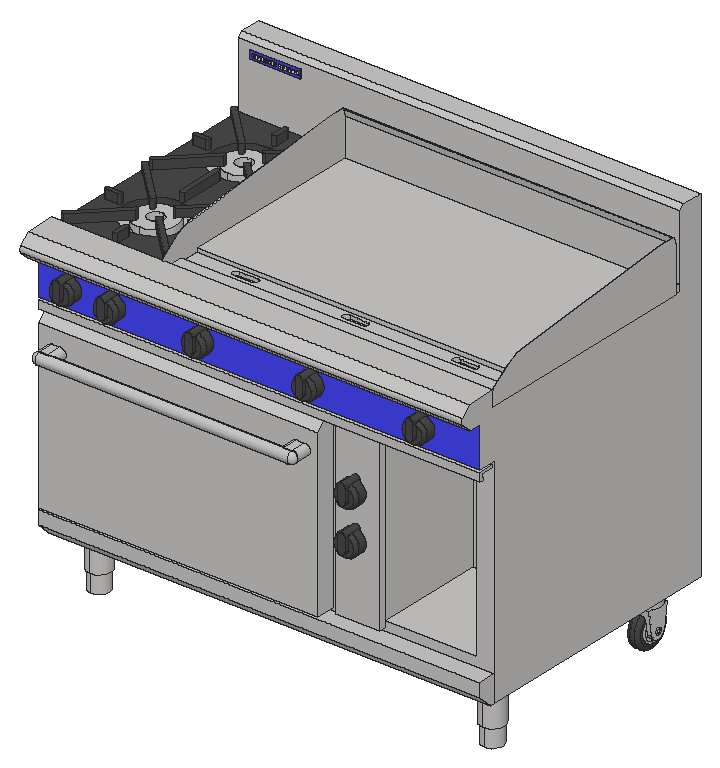
Revit family "QF_MOFFAT_BLUESEAL_CE_GE508A", category Specialty Equipment, Revit 2012
Parameters
  Width = 1200 mm
  Weight in Pounds = 485
  Watts = 6500 W
  Volts = 400 V
  URL Cutsheet = "www.moffat.com"
  URL = "www.moffat.com"
  Type Mark [instance] = ""
  Status [instance] = ""
  Specification by User [instance] = ""
  Specification by Manufacturer = ""
  Show Logo [instance] = yes
  Show Clearance [instance] = yes
  Show Casters [instance] = yes
  Serial Number = ""
  Seismic Rating = ""
  SMACNA No = ""
  Revision Code [instance] = ""
  Phase = 3
  Omniclass Number and Title = ""
  Number of Poles [instance] = 1
  NAFEM Spec ID Number = ""
  Model = "GE508A"
  Min Ckt Ampacity = 0 A
  Mechanical Remarks = ""
  Mechanical Connection Type [instance] = ""
  Max Overcurrent Protection = 0 A
  Masterspec = ""
  Manufacturer = "MOFFAT BLUESEAL"
  Legs [instance] = not(Show Casters)  # no
  Item Number [instance] = ""
  Installed By [instance] = ""
  Identify Quantity as Lot [instance] = yes
  Height = 970 mm
  HP = ""
  Gas Size = 3/4"
  Gas RI Height [instance] = 0 mm
  Gas KW = 32
  Gas Input [instance] = 81500.0 Btu/h
  Gas Connection Height = 0 mm
  Furnished By [instance] = ""
  Foodservice Equipment Identifier [instance] = yes
  FL Amps = 9.4 A
  Electrical Remarks = "9.4A PER PHASE"
  Electric Connection Type = ""
  Elec Conn RI Height = 0 mm
  Elec Conn Connection Height = 0 mm
  Description = "1200MM GAS RANGE WITH ELECTRIC STATIC OVEN"
  Depth = 812 mm
  Cycle = 50 Hz
  Conn Plug = ""
  Conn Conduit = yes
  CSI MasterFormat = ""
  CSI Master Format = ""
  Body Finish = QF_Finishes_Stainless Steel
  Apparent Power = 0 VA
Reference planes
  plane 1 "BACK": y = 0
  plane 2: z = 0
  plane 3 "LEFT": x = 0
  plane 4 "RIGHT": x = 1200
  plane 5 "FRONT": y = -812
  plane 6 "TOP": z = 970
  plane 7 "Center Y": x = 600
  plane 8 "Center X": y = -406
  plane 9: x = 280
  plane 10: y = -574.272
  plane 11: x = 60
  plane 12: y = -304.972
  plane 13: y = -364.972
  plane 14: x = 74
  plane 15: y = -812
  plane 16: x = 1134.5
  plane 17: y = -32
  plane 18: z = 655
  plane 19: x = 65.5
  plane 20: x = 65.8
  plane 21: z = 1085
  plane 22: y = -705
Forms (mm)
  Extrusion 1, solid, material "QF_Finishes_Stainless Steel" <- "Body Finish"
    sketch origin (0, 0, 0) x (0, 1, 0) y (0, 0, 1)
      loop
        line (0, 150) -> (0, 1085) -> (-57.5, 1085) -> (-70, 1072.5) -> (-70, 875) -> (-705, 875) -> (-705, 915) -> (-783.97, 915) -> (-808.49, 890.48)
        arc (-808.49, 890.48) -> (-812.002, 882) -> (-808.49, 873.52) r 11.993
        line (-808.49, 873.52) -> (-784.97, 850) -> (-749, 850) -> (-749, 740) -> (-699, 740) -> (-699, 150) -> (0, 150)
      loop
        line (-749, 222.5) -> (-749, 186) -> (-713.26, 150.26) -> (-701, 150.26) -> (-701, 222.5) -> (-749, 222.5)
      loop
        line (-749, 710) -> (-740.224, 710) -> (-742.613, 726.999) -> (-707.93, 726.999) -> (-707.93, 734.003) -> (-749, 734.003) -> (-749, 710)
    from 0 to 1200
  Extrusion 2, solid, material "QF_Finishes_Stainless Steel"
    sketch origin (0, 7, 0) x (0, 1, 0) y (0, 0, 1)
      loop
        line (-706, 700) -> (-732, 700) -> (-756, 676) -> (-756, 227.5) -> (-706, 227.5) -> (-706, 700)
    from 0 to 760
  Extrusion 3, solid, material "QF_Finishes_Stainless Steel"
    sketch origin (723.5, 7, 0) x (0, 1, 0) y (0, 0, 1)
      loop
        line (-706, 700) -> (-721, 700) -> (-721, 227.5) -> (-706, 227.5) -> (-706, 700)
    from 56.898 to 176.5
  Revolve 4, solid, material "QF_Finishes_Stainless Steel" <- "Body Finish"
    sketch origin (1134.5, -696.126, 0) x (0, 1, 0) y (0, 0, -1)
      loop
        line (39.376, -150) -> (71.126, -150) -> (71.126, 0) -> (43.626, 0) -> (43.626, -50) -> (39.376, -50) -> (39.376, -150)
      axis (71.126, -150) -> (71.126, 0)
    angle from 0 to 360
  Revolve 5, solid, material "QF_Finishes_Stainless Steel" <- "Body Finish"
    sketch origin (65.5, -696.126, 0) x (0, 1, 0) y (0, 0, 1)
      loop
        line (39.376, 150) -> (39.376, 50) -> (43.626, 50) -> (43.626, 0) -> (71.126, 0) -> (71.126, 150) -> (39.376, 150)
      axis (71.126, 150) -> (71.126, 0)
    angle from 0 to 360
  Extrusion 6, solid, material "QF_Finishes_Stainless Steel"
    sketch origin (-64.5, 0, 325) x (1, 0, 0) y (0, 1, 0)
      loop
        circle (1134.5, -32) r 10
    from 330 to 374.856
  Extrusion 7, void
    sketch origin (0, -703.73, 150) x (0, 0, -1) y (-1, 0, 0)
      loop
        line (-526, -900) -> (-526, -1150) -> (-96, -1150) -> (-96, -900) -> (-526, -900)
    from 0 to 304.8
  Extrusion 8, solid, material "QF_Finishes_Black"
    sketch origin (0, -70, 875) x (0, -1, 0) y (1, 0, 0)
      loop
        arc (1, 4) -> (1.879, 1.879) -> (4, 1) r 3
        line (4, 1) -> (632, 1)
        arc (632, 1) -> (634.121, 1.879) -> (635, 4) r 3
        line (635, 4) -> (635, 297.232)
        arc (635, 297.232) -> (634.121, 299.354) -> (632, 300.232) r 3
        line (632, 300.232) -> (4, 300.232)
        arc (4, 300.232) -> (1.879, 299.354) -> (1, 297.232) r 3
        line (1, 297.232) -> (1, 4)
      loop
        circle (167.5, 150) r 85
      loop
        circle (467.768, 150) r 85
    from 0 to 19.5
  Extrusion 9, solid, material "QF_Finishes_Black"
    sketch origin (0, -70, 894.5) x (0, -1, 0) y (1, 0, 0)
      loop
        spline (327.102, 15.153) -> (326.181, 13.924) -> (325.631, 12.47) -> (325.49, 10.89) -> (325.767, 9.292) -> (326.443, 7.786) -> (327.473, 6.473) -> (328.786, 5.443) -> (330.292, 4.767) -> (331.89, 4.49) -> (333.47, 4.631) -> (334.924, 5.181) -> (336.153, 6.102)
        line (336.153, 6.102) -> (444.076, 114.025)
        spline (444.076, 114.025) -> (444.837, 115.095) -> (445.238, 116.399) -> (445.251, 117.851) -> (444.875, 119.35) -> (444.137, 120.795) -> (443.086, 122.086) -> (441.795, 123.137) -> (440.35, 123.875) -> (438.851, 124.251) -> (437.399, 124.238) -> (436.095, 123.837) -> (435.025, 123.076)
        line (435.025, 123.076) -> (327.102, 15.153)
      loop
        line (611.398, 15.153) -> (503.475, 123.076)
        spline (503.475, 123.076) -> (502.405, 123.837) -> (501.101, 124.238) -> (499.649, 124.251) -> (498.15, 123.875) -> (496.705, 123.137) -> (495.414, 122.086) -> (494.363, 120.795) -> (493.625, 119.35) -> (493.249, 117.851) -> (493.262, 116.399) -> (493.663, 115.095) -> (494.424, 114.025)
        line (494.424, 114.025) -> (602.347, 6.102)
        spline (602.347, 6.102) -> (603.416, 5.341) -> (604.721, 4.941) -> (606.172, 4.928) -> (607.671, 5.303) -> (609.116, 6.041) -> (610.408, 7.092) -> (611.459, 8.384) -> (612.197, 9.829) -> (612.572, 11.328) -> (612.559, 12.779) -> (612.159, 14.084) -> (611.398, 15.153)
      loop
        spline (379.102, 143.6) -> (380.396, 143.818) -> (381.602, 144.457) -> (382.638, 145.475) -> (383.432, 146.8) -> (383.932, 148.344) -> (384.102, 150) -> (383.932, 151.656) -> (383.432, 153.2) -> (382.638, 154.525) -> (381.602, 155.543) -> (380.396, 156.182) -> (379.102, 156.4)
        line (379.102, 156.4) -> (259.398, 156.4)
        spline (259.398, 156.4) -> (258.104, 156.182) -> (256.898, 155.543) -> (255.862, 154.525) -> (255.068, 153.2) -> (254.568, 151.656) -> (254.398, 150) -> (254.568, 148.344) -> (255.068, 146.8) -> (255.862, 145.475) -> (256.898, 144.457) -> (258.104, 143.818) -> (259.398, 143.6)
        line (259.398, 143.6) -> (379.102, 143.6)
      loop
        spline (23.602, 15.153) -> (22.681, 13.924) -> (22.131, 12.47) -> (21.99, 10.89) -> (22.267, 9.292) -> (22.943, 7.786) -> (23.973, 6.473) -> (25.286, 5.443) -> (26.792, 4.767) -> (28.39, 4.49) -> (29.97, 4.631) -> (31.424, 5.181) -> (32.653, 6.102)
        line (32.653, 6.102) -> (140.576, 114.025)
        spline (140.576, 114.025) -> (141.337, 115.095) -> (141.738, 116.399) -> (141.751, 117.851) -> (141.375, 119.35) -> (140.637, 120.795) -> (139.586, 122.086) -> (138.295, 123.137) -> (136.85, 123.875) -> (135.351, 124.251) -> (133.899, 124.238) -> (132.595, 123.837) -> (131.525, 123.076)
        line (131.525, 123.076) -> (23.602, 15.153)
      loop
        line (311.398, 15.153) -> (203.475, 123.076)
        spline (203.475, 123.076) -> (202.405, 123.837) -> (201.101, 124.238) -> (199.649, 124.251) -> (198.15, 123.875) -> (196.705, 123.137) -> (195.414, 122.086) -> (194.363, 120.795) -> (193.625, 119.35) -> (193.249, 117.851) -> (193.262, 116.399) -> (193.663, 115.095) -> (194.424, 114.025)
        line (194.424, 114.025) -> (302.347, 6.102)
        spline (302.347, 6.102) -> (303.416, 5.341) -> (304.721, 4.941) -> (306.172, 4.928) -> (307.671, 5.303) -> (309.116, 6.041) -> (310.408, 7.092) -> (311.459, 8.384) -> (312.197, 9.829) -> (312.572, 11.328) -> (312.559, 12.779) -> (312.159, 14.084) -> (311.398, 15.153)
      loop
        line (327.102, 284.847) -> (435.025, 176.924)
        spline (435.025, 176.924) -> (436.095, 176.163) -> (437.399, 175.762) -> (438.851, 175.749) -> (440.35, 176.125) -> (441.795, 176.863) -> (443.086, 177.914) -> (444.137, 179.205) -> (444.875, 180.65) -> (445.251, 182.149) -> (445.238, 183.601) -> (444.837, 184.905) -> (444.076, 185.975)
        line (444.076, 185.975) -> (336.153, 293.898)
        spline (336.153, 293.898) -> (334.924, 294.819) -> (333.47, 295.369) -> (331.89, 295.51) -> (330.292, 295.233) -> (328.786, 294.557) -> (327.473, 293.527) -> (326.443, 292.214) -> (325.767, 290.708) -> (325.49, 289.11) -> (325.631, 287.53) -> (326.181, 286.076) -> (327.102, 284.847)
      loop
        spline (611.398, 284.847) -> (612.159, 285.916) -> (612.559, 287.221) -> (612.572, 288.672) -> (612.197, 290.171) -> (611.459, 291.616) -> (610.408, 292.908) -> (609.116, 293.959) -> (607.671, 294.697) -> (606.172, 295.072) -> (604.721, 295.059) -> (603.416, 294.659) -> (602.347, 293.898)
        line (602.347, 293.898) -> (494.424, 185.975)
        spline (494.424, 185.975) -> (493.663, 184.905) -> (493.262, 183.601) -> (493.249, 182.149) -> (493.625, 180.65) -> (494.363, 179.205) -> (495.414, 177.914) -> (496.705, 176.863) -> (498.15, 176.125) -> (499.649, 175.749) -> (501.101, 175.762) -> (502.405, 176.163) -> (503.475, 176.924)
        line (503.475, 176.924) -> (611.398, 284.847)
      loop
        line (23.602, 284.847) -> (131.525, 176.924)
        spline (131.525, 176.924) -> (132.595, 176.163) -> (133.899, 175.762) -> (135.351, 175.749) -> (136.85, 176.125) -> (138.295, 176.863) -> (139.586, 177.914) -> (140.637, 179.205) -> (141.375, 180.65) -> (141.751, 182.149) -> (141.738, 183.601) -> (141.337, 184.905) -> (140.576, 185.975)
        line (140.576, 185.975) -> (32.653, 293.898)
        spline (32.653, 293.898) -> (31.424, 294.819) -> (29.97, 295.369) -> (28.39, 295.51) -> (26.792, 295.233) -> (25.286, 294.557) -> (23.973, 293.527) -> (22.943, 292.214) -> (22.267, 290.708) -> (21.99, 289.11) -> (22.131, 287.53) -> (22.681, 286.076) -> (23.602, 284.847)
      loop
        spline (311.398, 284.847) -> (312.159, 285.916) -> (312.559, 287.221) -> (312.572, 288.672) -> (312.197, 290.171) -> (311.459, 291.616) -> (310.408, 292.908) -> (309.116, 293.959) -> (307.671, 294.697) -> (306.172, 295.072) -> (304.721, 295.059) -> (303.416, 294.659) -> (302.347, 293.898)
        line (302.347, 293.898) -> (194.424, 185.975)
        spline (194.424, 185.975) -> (193.663, 184.905) -> (193.262, 183.601) -> (193.249, 182.149) -> (193.625, 180.65) -> (194.363, 179.205) -> (195.414, 177.914) -> (196.705, 176.863) -> (198.15, 176.125) -> (199.649, 175.749) -> (201.101, 175.762) -> (202.405, 176.163) -> (203.475, 176.924)
        line (203.475, 176.924) -> (311.398, 284.847)
      loop
        spline (473.9, 292.104) -> (473.682, 293.398) -> (473.043, 294.604) -> (472.025, 295.64) -> (470.7, 296.434) -> (469.156, 296.934) -> (467.5, 297.104) -> (465.844, 296.934) -> (464.3, 296.434) -> (462.975, 295.64) -> (461.957, 294.604) -> (461.318, 293.398) -> (461.1, 292.104)
        line (461.1, 292.104) -> (461.1, 242.13)
        spline (461.1, 242.13) -> (461.318, 240.836) -> (461.957, 239.63) -> (462.975, 238.595) -> (464.3, 237.8) -> (465.844, 237.301) -> (467.5, 237.13) -> (469.156, 237.301) -> (470.7, 237.8) -> (472.025, 238.595) -> (473.043, 239.63) -> (473.682, 240.836) -> (473.9, 242.13)
        line (473.9, 242.13) -> (473.9, 292.104)
      loop
        spline (173.9, 292.104) -> (173.682, 293.398) -> (173.043, 294.604) -> (172.025, 295.64) -> (170.7, 296.434) -> (169.156, 296.934) -> (167.5, 297.104) -> (165.844, 296.934) -> (164.3, 296.434) -> (162.975, 295.64) -> (161.957, 294.604) -> (161.318, 293.398) -> (161.1, 292.104)
        line (161.1, 292.104) -> (161.1, 242.13)
        spline (161.1, 242.13) -> (161.318, 240.836) -> (161.957, 239.63) -> (162.975, 238.595) -> (164.3, 237.8) -> (165.844, 237.301) -> (167.5, 237.13) -> (169.156, 237.301) -> (170.7, 237.8) -> (172.025, 238.595) -> (173.043, 239.63) -> (173.682, 240.836) -> (173.9, 242.13)
        line (173.9, 242.13) -> (173.9, 292.104)
      loop
        spline (65.602, 143.6) -> (66.896, 143.818) -> (68.102, 144.457) -> (69.138, 145.475) -> (69.932, 146.8) -> (70.432, 148.344) -> (70.602, 150) -> (70.432, 151.656) -> (69.932, 153.2) -> (69.138, 154.525) -> (68.102, 155.543) -> (66.896, 156.182) -> (65.602, 156.4)
        line (65.602, 156.4) -> (29.398, 156.4)
        spline (29.398, 156.4) -> (28.104, 156.182) -> (26.898, 155.543) -> (25.862, 154.525) -> (25.068, 153.2) -> (24.568, 151.656) -> (24.398, 150) -> (24.568, 148.344) -> (25.068, 146.8) -> (25.862, 145.475) -> (26.898, 144.457) -> (28.104, 143.818) -> (29.398, 143.6)
        line (29.398, 143.6) -> (65.602, 143.6)
      loop
        spline (605.602, 143.6) -> (606.896, 143.818) -> (608.102, 144.457) -> (609.138, 145.475) -> (609.932, 146.8) -> (610.432, 148.344) -> (610.602, 150) -> (610.432, 151.656) -> (609.932, 153.2) -> (609.138, 154.525) -> (608.102, 155.543) -> (606.896, 156.182) -> (605.602, 156.4)
        line (605.602, 156.4) -> (569.398, 156.4)
        spline (569.398, 156.4) -> (568.104, 156.182) -> (566.898, 155.543) -> (565.862, 154.525) -> (565.068, 153.2) -> (564.568, 151.656) -> (564.398, 150) -> (564.568, 148.344) -> (565.068, 146.8) -> (565.862, 145.475) -> (566.898, 144.457) -> (568.104, 143.818) -> (569.398, 143.6)
        line (569.398, 143.6) -> (605.602, 143.6)
      loop
        line (460.626, 50.584) -> (460.626, 16.591)
        spline (460.626, 16.591) -> (460.844, 15.297) -> (461.483, 14.091) -> (462.501, 13.055) -> (463.826, 12.261) -> (465.37, 11.761) -> (467.026, 11.591) -> (468.682, 11.761) -> (470.226, 12.261) -> (471.551, 13.055) -> (472.569, 14.091) -> (473.208, 15.297) -> (473.426, 16.591)
        line (473.426, 16.591) -> (473.426, 50.584)
        spline (473.426, 50.584) -> (473.208, 51.878) -> (472.569, 53.084) -> (471.551, 54.119) -> (470.226, 54.914) -> (468.682, 55.413) -> (467.026, 55.584) -> (465.37, 55.413) -> (463.826, 54.914) -> (462.501, 54.119) -> (461.483, 53.084) -> (460.844, 51.878) -> (460.626, 50.584)
      loop
        line (160.11, 50.584) -> (160.11, 16.591)
        spline (160.11, 16.591) -> (160.328, 15.297) -> (160.967, 14.091) -> (161.984, 13.055) -> (163.31, 12.261) -> (164.853, 11.761) -> (166.51, 11.591) -> (168.166, 11.761) -> (169.71, 12.261) -> (171.035, 13.055) -> (172.052, 14.091) -> (172.692, 15.297) -> (172.91, 16.591)
        line (172.91, 16.591) -> (172.91, 50.584)
        spline (172.91, 50.584) -> (172.692, 51.878) -> (172.052, 53.084) -> (171.035, 54.119) -> (169.71, 54.914) -> (168.166, 55.413) -> (166.51, 55.584) -> (164.853, 55.413) -> (163.31, 54.914) -> (161.984, 54.119) -> (160.967, 53.084) -> (160.328, 51.878) -> (160.11, 50.584)
    from 0 to 23.5
  Revolve 10, solid, material "QF_Finishes_Black"
    sketch origin (90.649, 45.874, -0.118) x (0, 1, 0) y (0, 0, -1)
      loop
        line (-827.874, -829.5) -> (-804.874, -829.5) -> (-804.874, -802) -> (-794.874, -802) -> (-794.874, -797) -> (-838.874, -797) -> (-838.874, -823.651) -> (-827.874, -829.5)
      axis (-838.874, -797) -> (-794.874, -797)
    angle from 0 to 360
  Revolve 11, solid, material "QF_Finishes_Black"
    sketch origin (210.649, 45.874, -0.118) x (0, 1, 0) y (0, 0, -1)
      loop
        line (-827.874, -829.5) -> (-804.874, -829.5) -> (-804.874, -802) -> (-794.874, -802) -> (-794.874, -797) -> (-838.874, -797) -> (-838.874, -823.651) -> (-827.874, -829.5)
      axis (-838.874, -797) -> (-794.874, -797)
    angle from 0 to 360
  Revolve 12, solid, material "QF_Finishes_Black"
    sketch origin (450.345, 45.874, -0.118) x (0, 1, 0) y (0, 0, -1)
      loop
        line (-827.874, -829.5) -> (-804.874, -829.5) -> (-804.874, -802) -> (-794.874, -802) -> (-794.874, -797) -> (-838.874, -797) -> (-838.874, -823.651) -> (-827.874, -829.5)
      axis (-838.874, -797) -> (-794.874, -797)
    angle from 0 to 360
  Extrusion 13, solid, material "QF_Finishes_Black"
    sketch origin (238.456, 7, -0.118) x (-1, 0, 0) y (0, 0, -1)
      loop
        arc (158.3, -789) -> (148.3, -779) -> (138.3, -789) r 10
        line (138.3, -789) -> (138.3, -824)
        arc (138.3, -824) -> (148.3, -834) -> (158.3, -824) r 10
        line (158.3, -824) -> (158.3, -789)
    from 759 to 808
  Extrusion 14, solid, material "QF_Finishes_Black"
    sketch origin (358.456, 7, -0.118) x (-1, 0, 0) y (0, 0, -1)
      loop
        arc (158.3, -789) -> (148.3, -779) -> (138.3, -789) r 10
        line (138.3, -789) -> (138.3, -824)
        arc (138.3, -824) -> (148.3, -834) -> (158.3, -824) r 10
        line (158.3, -824) -> (158.3, -789)
    from 759 to 808
  Extrusion 15, solid, material "QF_Finishes_Black"
    sketch origin (598.152, 7, -0.118) x (-1, 0, 0) y (0, 0, -1)
      loop
        arc (158.3, -789) -> (148.3, -779) -> (138.3, -789) r 10
        line (138.3, -789) -> (138.3, -824)
        arc (138.3, -824) -> (148.3, -834) -> (158.3, -824) r 10
        line (158.3, -824) -> (158.3, -789)
    from 759 to 808
  Revolve 16, solid, material "QF_Finishes_Black"
    sketch origin (836.851, 80.874, -246.368) x (0, 1, 0) y (0, 0, 1)
      loop
        line (-827.874, 829.5) -> (-838.874, 823.651) -> (-838.874, 797) -> (-794.874, 797) -> (-794.874, 802) -> (-804.874, 802) -> (-804.874, 829.5) -> (-827.874, 829.5)
      axis (-838.874, 797) -> (-794.874, 797)
    angle from 0 to 360
  Extrusion 17, solid, material "QF_Finishes_Black"
    sketch origin (389.044, 42, -246.368) x (1, 0, 0) y (0, 0, 1)
      loop
        line (458.3, 789) -> (458.3, 824)
        arc (458.3, 824) -> (448.3, 834) -> (438.3, 824) r 10
        line (438.3, 824) -> (438.3, 789)
        arc (438.3, 789) -> (448.3, 779) -> (458.3, 789) r 10
    from 759 to 808
  Extrusion 18, solid, material "QF_Door-Drawer Clearances", visible <- "Show Clearance", detail levels coarse
    sketch origin (760, 7, 0) x (0, 1, 0) y (0, 0, 1)
      loop
        arc (-756, 697.347) -> (-1088.232, 559.732) -> (-1225.847, 227.5) r 469.847
        line (-1225.847, 227.5) -> (-756, 227.5) -> (-756, 697.347)
    from 0 to -760
  Extrusion 19, void
    sketch origin (0, 0, 150) x (-1, 0, 0) y (0, -1, 0)
      loop
        line (-1133.988, 87.26) -> (-1133.988, -30.24) -> (-1004.488, -30.24) -> (-1004.488, 38.76) -> (-1052.988, 87.26) -> (-1133.988, 87.26)
    from 72.5 to 549.856
  Extrusion 20, solid, material "QF_Finishes_Stainless Steel"
    sketch origin (0, -749, 227.5) x (0, 0, 1) y (-1, 0, 0)
      loop
        line (380.625, -38.246) -> (380.625, -58.528)
        arc (380.625, -58.528) -> (395.625, -73.528) -> (410.625, -58.528) r 15
        line (410.625, -58.528) -> (410.625, -38.246)
        arc (410.625, -38.246) -> (395.625, -23.246) -> (380.625, -38.246) r 15
      loop
        arc (380.625, -723.039) -> (395.625, -738.039) -> (410.625, -723.039) r 15
        line (410.625, -723.039) -> (410.625, -702.757)
        arc (410.625, -702.757) -> (395.625, -687.757) -> (380.625, -702.757) r 15
        line (380.625, -702.757) -> (380.625, -723.039)
    from 0 to 44
  Revolve 21, solid, material "QF_Finishes_Stainless Steel"
    sketch origin (0, -793, 0) x (1, 0, 0) y (0, 0, 1)
      loop
        arc (738.039, 623.125) -> (733.646, 633.732) -> (723.039, 638.125) r 15
        line (723.039, 638.125) -> (38.246, 638.125)
        arc (38.246, 638.125) -> (27.64, 633.732) -> (23.246, 623.125) r 15
        line (23.246, 623.125) -> (738.039, 623.125)
      axis (738.039, 623.125) -> (23.246, 623.125)
    angle from 0 to 360
  Extrusion 22, solid, material "QF_Finishes_Stainless Steel"
    sketch origin (0, -70, 875) x (0, -1, 0) y (1, 0, 0)
      loop
        circle (467.5, 150) r 57
      loop
        circle (167.5, 150) r 57
      loop
        circle (467.5, 150) r 22
      loop
        circle (167.5, 150) r 22
    from 0 to 19.5
  Extrusion 23, solid, material "QF_Finishes_Stainless Steel"
    sketch origin (0, 0, 0) x (1, 0, 0) y (0, 1, 0)
      loop
        circle (826, -501) r 6.35
    from 148.072 to 150
  Extrusion 24, solid, material "QF_Finishes_Stainless Steel", visible <- "Show Casters"
    sketch origin (71.501, 133.353, -8.783) x (0, 1, 0) y (0, 0, 1)
      loop
        line (-201.603, 118.783) -> (-265.103, 118.783) -> (-252.746, 53.895)
        arc (-252.746, 53.895) -> (-233.353, 38.783) -> (-213.959, 53.895) r 20
        line (-213.959, 53.895) -> (-201.603, 118.783)
    from -35.667 to 22.923
  Revolve 25, solid, material "QF_Finishes_Stainless Steel", visible <- "Show Casters"
    sketch origin (65, -203, 0) x (0, 1, 0) y (0, 0, 1)
      loop
        line (67.25, 150) -> (67.25, 110) -> (103, 110) -> (103, 150) -> (67.25, 150)
      axis (103, 150) -> (103, 110)
    angle from 0 to 360
  Revolve 26, solid, material "QF_Finishes_Stainless Steel", visible <- "Show Casters"
    sketch origin (1134.5, -203, 0) x (0, 1, 0) y (0, 0, -1)
      loop
        line (67.25, -150) -> (103, -150) -> (103, -110) -> (67.25, -110) -> (67.25, -150)
      axis (103, -150) -> (103, -110)
    angle from 0 to 360
  Revolve 27, solid, material "QF_Finishes_Stainless Steel", visible <- "Show Casters"
    sketch origin (1085.276, -99.755, -13.653) x (1, 0, 0) y (0, 0, 1)
      loop
        line (14.841, 64.453) -> (83.584, 64.453) -> (83.584, 67.958) -> (82.314, 69.228) -> (80.79, 69.228) -> (80.79, 72.674) -> (68.644, 72.674) -> (68.644, 82.639) -> (65.088, 84.692) -> (63.738, 93.028) -> (65.881, 93.028) -> (65.881, 99.378) -> (65.088, 99.378) -> (65.088, 105.728)
        arc (65.088, 105.728) -> (62.298, 112.463) -> (55.563, 115.253) r 9.525
        line (55.563, 115.253) -> (42.863, 115.253)
        arc (42.863, 115.253) -> (36.127, 112.463) -> (33.338, 105.728) r 9.525
        line (33.338, 105.728) -> (33.338, 99.378) -> (32.544, 99.378) -> (32.544, 93.028) -> (34.687, 93.028) -> (33.352, 84.781) -> (29.782, 82.719) -> (29.782, 72.674) -> (17.635, 72.674) -> (17.635, 69.228) -> (16.111, 69.228) -> (14.841, 67.958) -> (14.841, 64.453)
      axis (14.841, 64.453) -> (83.584, 64.453)
    angle from 0 to 360
  Extrusion 28, solid, material "QF_Finishes_Stainless Steel", visible <- "Show Casters"
    sketch origin (1141.001, 133.353, -8.783) x (0, 1, 0) y (0, 0, 1)
      loop
        line (-201.603, 118.783) -> (-265.103, 118.783) -> (-252.746, 53.895)
        arc (-252.746, 53.895) -> (-233.353, 38.783) -> (-213.959, 53.895) r 20
        line (-213.959, 53.895) -> (-201.603, 118.783)
    from -35.667 to 22.923
  Revolve 29, solid, material "QF_Finishes_Stainless Steel", visible <- "Legs"
    sketch origin (65, -165, 0) x (0, 1, 0) y (0, 0, 1)
      loop
        line (33.25, 150) -> (33.25, 50) -> (37.5, 50) -> (37.5, 0) -> (65, 0) -> (65, 150) -> (33.25, 150)
      axis (65, 150) -> (65, 0)
    angle from 0 to 360
  Revolve 30, solid, material "QF_Finishes_Stainless Steel", visible <- "Legs"
    sketch origin (1134.5, -165, 0) x (0, 1, 0) y (0, 0, -1)
      loop
        line (33.25, -150) -> (65, -150) -> (65, 0) -> (37.5, 0) -> (37.5, -50) -> (33.25, -50) -> (33.25, -150)
      axis (65, -150) -> (65, 0)
    angle from 0 to 360
  Revolve 31, solid, material "QF_Finishes_Stainless Steel", visible <- "Show Casters"
    sketch origin (114.224, -99.755, -13.653) x (-1, 0, 0) y (0, 0, -1)
      loop
        line (14.841, -64.453) -> (14.841, -67.958) -> (16.111, -69.228) -> (17.635, -69.228) -> (17.635, -72.674) -> (29.782, -72.674) -> (29.782, -82.719) -> (33.352, -84.781) -> (34.687, -93.028) -> (32.544, -93.028) -> (32.544, -99.378) -> (33.338, -99.378) -> (33.338, -105.728)
        arc (33.338, -105.728) -> (36.127, -112.463) -> (42.863, -115.253) r 9.525
        line (42.863, -115.253) -> (55.563, -115.253)
        arc (55.563, -115.253) -> (62.298, -112.463) -> (65.088, -105.728) r 9.525
        line (65.088, -105.728) -> (65.088, -99.378) -> (65.881, -99.378) -> (65.881, -93.028) -> (63.738, -93.028) -> (65.088, -84.692) -> (68.644, -82.639) -> (68.644, -72.674) -> (80.79, -72.674) -> (80.79, -69.228) -> (82.314, -69.228) -> (83.584, -67.958) -> (83.584, -64.453) -> (14.841, -64.453)
      axis (14.841, -64.453) -> (83.584, -64.453)
    angle from 0 to 360
  Revolve 32, solid, material "QF_Finishes_Black"
    sketch origin (836.851, 80.874, -366.368) x (0, 1, 0) y (0, 0, 1)
      loop
        line (-827.874, 829.5) -> (-838.874, 823.651) -> (-838.874, 797) -> (-794.874, 797) -> (-794.874, 802) -> (-804.874, 802) -> (-804.874, 829.5) -> (-827.874, 829.5)
      axis (-838.874, 797) -> (-794.874, 797)
    angle from 0 to 360
  Extrusion 33, solid, material "QF_Finishes_Black"
    sketch origin (389.044, 42, -366.368) x (1, 0, 0) y (0, 0, 1)
      loop
        line (458.3, 789) -> (458.3, 824)
        arc (458.3, 824) -> (448.3, 834) -> (438.3, 824) r 10
        line (438.3, 824) -> (438.3, 789)
        arc (438.3, 789) -> (448.3, 779) -> (458.3, 789) r 10
    from 759 to 808
  Revolve 34, solid, material "QF_Finishes_Black"
    sketch origin (750.232, 45.874, -0.118) x (0, 1, 0) y (0, 0, -1)
      loop
        line (-827.874, -829.5) -> (-804.874, -829.5) -> (-804.874, -802) -> (-794.874, -802) -> (-794.874, -797) -> (-838.874, -797) -> (-838.874, -823.651) -> (-827.874, -829.5)
      axis (-838.874, -797) -> (-794.874, -797)
    angle from 0 to 360
  Extrusion 35, solid, material "QF_Finishes_Black"
    sketch origin (898.039, 7, -0.118) x (-1, 0, 0) y (0, 0, -1)
      loop
        arc (158.3, -789) -> (148.3, -779) -> (138.3, -789) r 10
        line (138.3, -789) -> (138.3, -824)
        arc (138.3, -824) -> (148.3, -834) -> (158.3, -824) r 10
        line (158.3, -824) -> (158.3, -789)
    from 759 to 808
  Revolve 36, solid, material "QF_Finishes_Black"
    sketch origin (1050.119, 45.874, -0.118) x (0, 1, 0) y (0, 0, -1)
      loop
        line (-827.874, -829.5) -> (-804.874, -829.5) -> (-804.874, -802) -> (-794.874, -802) -> (-794.874, -797) -> (-838.874, -797) -> (-838.874, -823.651) -> (-827.874, -829.5)
      axis (-838.874, -797) -> (-794.874, -797)
    angle from 0 to 360
  Extrusion 37, solid, material "QF_Finishes_Black"
    sketch origin (1197.926, 7, -0.118) x (-1, 0, 0) y (0, 0, -1)
      loop
        arc (158.3, -789) -> (148.3, -779) -> (138.3, -789) r 10
        line (138.3, -789) -> (138.3, -824)
        arc (138.3, -824) -> (148.3, -834) -> (158.3, -824) r 10
        line (158.3, -824) -> (158.3, -789)
    from 759 to 808
Cuts and joins
  Extrusion 7, Extrusion 19 cuts Extrusion 1
Lines and regions (mm)
  Split face 1
    outline origin (1200, 0, 1085) x (-1, 0, 0) y (0, -1, 0)
      loop
        arc (935.206, 45.185) -> (926.545, 40.185) -> (926.545, 30.185) r 10
        line (926.545, 30.185) -> (930.587, 23.185)
        arc (930.587, 23.185) -> (934.247, 19.525) -> (939.247, 18.185) r 10
        line (939.247, 18.185) -> (1167.206, 18.185)
        arc (1167.206, 18.185) -> (1175.866, 23.185) -> (1175.866, 33.185) r 10
        line (1175.866, 33.185) -> (1171.824, 40.185)
        arc (1171.824, 40.185) -> (1168.164, 43.845) -> (1163.164, 45.185) r 10
        line (1163.164, 45.185) -> (935.206, 45.185)
  Split face 2
    outline origin (1200, 0, 1085) x (-1, 0, 0) y (0, -1, 0)
      loop
        arc (635.206, 45.185) -> (626.545, 40.185) -> (626.545, 30.185) r 10
        line (626.545, 30.185) -> (630.587, 23.185)
        arc (630.587, 23.185) -> (634.247, 19.525) -> (639.247, 18.185) r 10
        line (639.247, 18.185) -> (867.206, 18.185)
        arc (867.206, 18.185) -> (875.866, 23.185) -> (875.866, 33.185) r 10
        line (875.866, 33.185) -> (871.824, 40.185)
        arc (871.824, 40.185) -> (868.164, 43.845) -> (863.164, 45.185) r 10
        line (863.164, 45.185) -> (635.206, 45.185)
  Split face 3
    outline origin (1200, 0, 1085) x (-1, 0, 0) y (0, -1, 0)
      loop
        arc (335.206, 45.185) -> (326.545, 40.185) -> (326.545, 30.185) r 10
        line (326.545, 30.185) -> (330.587, 23.185)
        arc (330.587, 23.185) -> (334.247, 19.525) -> (339.247, 18.185) r 10
        line (339.247, 18.185) -> (567.206, 18.185)
        arc (567.206, 18.185) -> (575.866, 23.185) -> (575.866, 33.185) r 10
        line (575.866, 33.185) -> (571.824, 40.185)
        arc (571.824, 40.185) -> (568.164, 43.845) -> (563.164, 45.185) r 10
        line (563.164, 45.185) -> (335.206, 45.185)
  Split face 4
    outline origin (1200, 0, 1085) x (-1, 0, 0) y (0, -1, 0)
      loop
        arc (35.206, 45.185) -> (26.545, 40.185) -> (26.545, 30.185) r 10
        line (26.545, 30.185) -> (30.587, 23.185)
        arc (30.587, 23.185) -> (34.247, 19.525) -> (39.247, 18.185) r 10
        line (39.247, 18.185) -> (267.206, 18.185)
        arc (267.206, 18.185) -> (275.866, 23.185) -> (275.866, 33.185) r 10
        line (275.866, 33.185) -> (271.824, 40.185)
        arc (271.824, 40.185) -> (268.164, 43.845) -> (263.164, 45.185) r 10
        line (263.164, 45.185) -> (35.206, 45.185)
  symbolic lines
    curve 1: line (0, 0, 0) -> (0, -812, 0)
    curve 2: line (1200, 0, 0) -> (0, 0, 0)
    curve 3: line (1200, -812, 0) -> (1200, 0, 0)
    curve 4: line (0, -70, 0) -> (1200, -70, 0)
    curve 5: line (1200, -812, 0) -> (0, -812, 0)
    curve 6: line (1200, -708.3, 0) -> (0, -708.3, 0)
    curve 7: line (0, -705, 0) -> (1200, -705, 0)
    curve 8: line (1200, -72.734, 0) -> (0, -72.734, 0)
    curve 9: arc (22.65, -812, 0) -> (34.104, -822.278, 0) -> (48.889, -826.544, 0) r 34.455
    curve 10: line (48.889, -826.544, 0) -> (718.108, -826.544, 0)
    curve 11: arc (718.108, -826.544, 0) -> (732.653, -822.647, 0) -> (743.3, -812, 0) r 29.089
    curve 12: line (6.08, -94.387, 0) -> (121.515, -209.822, 0)
    curve 13: line (293.92, -94.387, 0) -> (178.485, -209.822, 0)
    curve 14: line (6.83, -379.864, 0) -> (121.515, -265.178, 0)
    curve 15: line (292.516, -379.21, 0) -> (178.485, -265.178, 0)
    curve 16: line (6.08, -398.155, 0) -> (121.515, -510.089, 0)
    curve 17: line (293.92, -398.155, 0) -> (178.485, -510.089, 0)
    curve 18: line (9.883, -677.078, 0) -> (121.515, -565.446, 0)
    curve 19: line (291.622, -678.583, 0) -> (178.485, -565.446, 0)
    curve 20: arc (150, -294.5, 0) -> (207, -237.5, 0) -> (150, -180.5, 0) r 57
    curve 21: arc (150, -180.5, 0) -> (93, -237.5, 0) -> (150, -294.5, 0) r 57
    curve 22: arc (150, -594.5, 0) -> (207, -537.5, 0) -> (150, -480.5, 0) r 57
    curve 23: arc (150, -480.5, 0) -> (93, -537.5, 0) -> (150, -594.5, 0) r 57
    curve 24: line (297.78, -237.81, 0) -> (237.78, -237.81, 0)
    curve 25: line (149.618, -450.258, 0) -> (149.618, -325.258, 0)
    curve 26: line (297.78, -537.81, 0) -> (237.78, -537.81, 0)
    curve 27: line (149.197, -139.807, 0) -> (149.197, -94.807, 0)
    curve 28: line (149.197, -674.807, 0) -> (149.197, -634.807, 0)
    curve 29: line (49.678, -236.51, 0) -> (14.678, -236.51, 0)
    curve 30: line (49.678, -536.51, 0) -> (14.678, -536.51, 0)
    curve 34: arc (150, -322.5, 0) -> (65, -237.5, 0) -> (150, -152.5, 0) r 85
    curve 35: arc (150, -152.5, 0) -> (235, -237.5, 0) -> (150, -322.5, 0) r 85
    curve 36: arc (150, -452.768, 0) -> (235, -537.768, 0) -> (150, -622.768, 0) r 85
    curve 37: arc (150, -622.768, 0) -> (65, -537.768, 0) -> (150, -452.768, 0) r 85
    curve 38: line (300.232, -72.734, 0) -> (300.232, -705, 0)
    curve 39: line (0, -390.308, 0) -> (300.232, -390.308, 0)
    curve 40: arc (150, -215.5, 0) -> (172, -237.5, 0) -> (150, -259.5, 0) r 22
    curve 41: arc (150, -259.5, 0) -> (128, -237.5, 0) -> (150, -215.5, 0) r 22
    curve 42: arc (150, -515.5, 0) -> (172, -537.5, 0) -> (150, -559.5, 0) r 22
    curve 43: arc (150, -559.5, 0) -> (128, -537.5, 0) -> (150, -515.5, 0) r 22
    curve 44: line (1160.753, -18.185, 0) -> (932.794, -18.185, 0)
    curve 45: arc (932.794, -18.185, 0) -> (924.134, -23.185, 0) -> (924.134, -33.185, 0) r 10
    curve 46: line (924.134, -33.185, 0) -> (928.176, -40.185, 0)
    curve 47: arc (928.176, -40.185, 0) -> (931.836, -43.845, 0) -> (936.836, -45.185, 0) r 10
    curve 48: line (936.836, -45.185, 0) -> (1164.794, -45.185, 0)
    curve 49: arc (1164.794, -45.185, 0) -> (1173.455, -40.185, 0) -> (1173.455, -30.185, 0) r 10
    curve 50: line (1173.455, -30.185, 0) -> (1169.413, -23.185, 0)
    curve 51: arc (1169.413, -23.185, 0) -> (1165.753, -19.525, 0) -> (1160.753, -18.185, 0) r 10
    curve 52: line (632.794, -18.185, 0) -> (860.753, -18.185, 0)
    curve 53: arc (860.753, -18.185, 0) -> (865.753, -19.525, 0) -> (869.413, -23.185, 0) r 10
    curve 54: line (869.413, -23.185, 0) -> (873.455, -30.185, 0)
    curve 55: arc (873.455, -30.185, 0) -> (873.455, -40.185, 0) -> (864.794, -45.185, 0) r 10
    curve 56: line (864.794, -45.185, 0) -> (636.836, -45.185, 0)
    curve 57: arc (636.836, -45.185, 0) -> (631.836, -43.845, 0) -> (628.176, -40.185, 0) r 10
    curve 58: line (628.176, -40.185, 0) -> (624.134, -33.185, 0)
    curve 59: arc (624.134, -33.185, 0) -> (624.134, -23.185, 0) -> (632.794, -18.185, 0) r 10
    curve 60: line (332.794, -18.185, 0) -> (560.753, -18.185, 0)
    curve 61: arc (560.753, -18.185, 0) -> (565.753, -19.525, 0) -> (569.413, -23.185, 0) r 10
    curve 62: line (569.413, -23.185, 0) -> (573.455, -30.185, 0)
    curve 63: arc (573.455, -30.185, 0) -> (573.455, -40.185, 0) -> (564.794, -45.185, 0) r 10
    curve 64: line (564.794, -45.185, 0) -> (336.836, -45.185, 0)
    curve 65: arc (336.836, -45.185, 0) -> (331.836, -43.845, 0) -> (328.176, -40.185, 0) r 10
    curve 66: line (328.176, -40.185, 0) -> (324.134, -33.185, 0)
    curve 67: arc (324.134, -33.185, 0) -> (324.134, -23.185, 0) -> (332.794, -18.185, 0) r 10
    curve 68: line (260.753, -18.185, 0) -> (32.794, -18.185, 0)
    curve 69: arc (32.794, -18.185, 0) -> (24.134, -23.185, 0) -> (24.134, -33.185, 0) r 10
    curve 70: line (24.134, -33.185, 0) -> (28.176, -40.185, 0)
    curve 71: arc (28.176, -40.185, 0) -> (31.836, -43.845, 0) -> (36.836, -45.185, 0) r 10
    curve 72: line (36.836, -45.185, 0) -> (264.794, -45.185, 0)
    curve 73: arc (264.794, -45.185, 0) -> (273.455, -40.185, 0) -> (273.455, -30.185, 0) r 10
    curve 74: line (273.455, -30.185, 0) -> (269.413, -23.185, 0)
    curve 75: arc (269.413, -23.185, 0) -> (265.753, -19.525, 0) -> (260.753, -18.185, 0) r 10
    curve 76: line (0, -57.5, 0) -> (1200, -57.5, 0)
    curve 77: line (0, -783.97, 0) -> (1200, -783.97, 0)
  symbolic lines, style "QF_Door-Drawer Clearances", visible <- "Show Clearance"
    curve 31: line (0, -1218.847, 0) -> (760, -1218.847, 0)
    curve 32: line (760, -1218.847, 0) -> (760, -812, 0)
    curve 33: line (0, -1218.847, 0) -> (0, -812, 0)
Dimensions and locks
  equal spacing: plane 3 "LEFT", plane 7 "Center Y", plane 4 "RIGHT"
  "Width": plane 3 "LEFT" to plane 4 "RIGHT"
  equal spacing: plane 5 "FRONT", plane 8 "Center X", plane 1 "BACK"
  plane 5 "FRONT" to plane 1 "BACK" = 812 mm  (x2)
  equal spacing: plane 4 "RIGHT", plane 7 "Center Y", plane 3 "LEFT"
  plane 4 "RIGHT" to plane 3 "LEFT" = 1200 mm
  "Height": plane 6 "TOP" to level
  plane 10 to plane 1 "BACK" = 574.272 mm
  plane 12 to plane 1 "BACK" = 304.972 mm  (x2)
  plane 11 to plane 3 "LEFT" = 60 mm
  plane 14 to plane 3 "LEFT" = 74 mm
  plane 9 to plane 3 "LEFT" = 280 mm
  "Depth": plane 1 "BACK" to plane 15
  plane 5 "FRONT" to plane 15 = 0 mm
  plane 6 "TOP" to plane 2 = 970 mm
  plane 2 to Extrusion 1 sketch curve = 875 mm
  locked: plane 2 to Extrusion 1 sketch curve at 915
  locked: plane 4 "RIGHT" to plane 16 at 65.5
  Extrusion 8 sketch curve to plane 20 = 64.8 mm
  Extrusion 23 sketch curve to plane 4 "RIGHT" = 374 mm
  Extrusion 23 sketch curve to plane 1 "BACK" = 501 mm
  plane 21 to level = 1085 mm
  Revolve 27 sketch curve to Revolve 27 sketch curve = 50.8 mm
  Revolve 31 sketch curve to Revolve 31 sketch curve = 50.8 mm
  aligned and locked: level to plane 2
  aligned and locked: curve 3 to plane 4 "RIGHT"
  aligned and locked: Extrusion 1 to plane 4 "RIGHT"
  aligned and locked: plane 16 to Revolve 4
  aligned and locked: Extrusion 18 to Extrusion 2
Automatic sketch dimensions
  curve 20 to curve 34 = 0 mm
  curve 21 to curve 35 = 0 mm
  curve 21 to curve 41 = 0 mm
  curve 22 to curve 43 = 0 mm
  curve 23 to curve 43 = 0 mm
  curve 35 to curve 41 = 0 mm
  plane 1 "BACK" to curve 1 = 0 mm
  curve 1 to plane 3 "LEFT" = 0 mm
  plane 5 "FRONT" to curve 9 = 0 mm
  plane 22 to curve 38 = 0 mm
  plane 3 "LEFT" to curve 16 = 6.08 mm
  plane 3 "LEFT" to curve 12 = 6.08 mm
  plane 3 "LEFT" to curve 14 = 6.83 mm
  plane 3 "LEFT" to curve 18 = 9.883 mm
  plane 3 "LEFT" to curve 29 = 14.678 mm
  plane 3 "LEFT" to curve 30 = 14.678 mm
  plane 3 "LEFT" to curve 9 = 22.65 mm
  curve 70 to plane 17 = 1.185 mm
  plane 3 "LEFT" to curve 70 = 24.134 mm
  curve 69 to curve 71 = 4.041 mm
  curve 69 to curve 69 = 8.66 mm
  curve 71 to curve 71 = 8.66 mm
  curve 10 to plane 11 = 11.111 mm
  curve 29 to plane 11 = 10.322 mm
  curve 30 to plane 11 = 10.322 mm
  curve 9 to plane 11 = 9.192 mm
  plane 10 to curve 18 = 8.826 mm
  plane 14 to curve 18 = 47.515 mm
  plane 14 to curve 14 = 47.515 mm
  plane 14 to curve 12 = 47.515 mm
  plane 14 to curve 16 = 47.515 mm
  curve 18 to curve 28 = 27.682 mm
  plane 14 to curve 27 = 75.197 mm
  curve 25 to plane 12 = 20.285 mm
  curve 14 to curve 25 = 28.103 mm
  curve 16 to curve 22 = 28.485 mm
  curve 12 to curve 41 = 28.485 mm
  curve 25 to curve 37 = 0.382 mm
  curve 42 to curve 17 = 28.485 mm
  curve 40 to curve 13 = 28.485 mm
  plane 10 to curve 19 = 8.826 mm
  curve 42 to curve 19 = 28.485 mm
  plane 12 to curve 15 = 39.794 mm
  curve 40 to curve 15 = 28.485 mm
  curve 24 to plane 9 = 42.22 mm
  curve 26 to plane 9 = 42.22 mm
  curve 68 to plane 9 = 19.247 mm
  curve 73 to plane 9 = 15.206 mm
  curve 75 to curve 75 = 8.66 mm
  plane 17 to curve 74 = 1.815 mm
  curve 74 to plane 9 = 6.545 mm
  plane 9 to curve 19 = 11.622 mm
  plane 9 to curve 15 = 12.516 mm
  plane 9 to curve 13 = 13.92 mm
  plane 9 to curve 17 = 13.92 mm
  plane 9 to curve 24 = 17.78 mm
  plane 9 to curve 26 = 17.78 mm
  plane 9 to curve 38 = 20.232 mm
  curve 67 to plane 17 = 1.185 mm
  plane 9 to curve 67 = 44.134 mm
  curve 66 to plane 17 = 8.185 mm
  curve 66 to curve 66 = 4.041 mm
  plane 17 to curve 67 = 13.815 mm
  curve 67 to curve 67 = 8.66 mm
  curve 65 to curve 64 = 8.66 mm
  curve 60 to plane 7 "Center Y" = 39.247 mm
  curve 61 to curve 64 = 4.041 mm
  curve 61 to curve 61 = 8.66 mm
  plane 17 to curve 63 = 1.815 mm
  curve 61 to curve 63 = 4.041 mm
  curve 59 to plane 17 = 1.185 mm
  plane 7 "Center Y" to curve 59 = 24.134 mm
  curve 59 to curve 57 = 4.041 mm  (x2)
  plane 17 to curve 59 = 13.815 mm
  curve 59 to curve 59 = 8.66 mm
  curve 57 to plane 17 = 3.185 mm
  curve 55 to plane 17 = 3.185 mm
  curve 53 to curve 55 = 4.041 mm
  plane 17 to curve 54 = 8.815 mm
  curve 53 to curve 54 = 8.66 mm
  plane 17 to curve 55 = 1.815 mm
  curve 54 to curve 55 = 4.041 mm
  curve 46 to plane 17 = 1.185 mm
  curve 54 to curve 46 = 50.679 mm
  curve 45 to curve 47 = 4.041 mm  (x2)
  curve 45 to curve 44 = 8.66 mm
  curve 47 to plane 17 = 3.185 mm
  plane 17 to curve 44 = 13.815 mm
  plane 16 to curve 44 = 26.253 mm
  curve 49 to plane 17 = 3.185 mm
  curve 51 to curve 49 = 4.041 mm
  curve 51 to curve 51 = 8.66 mm
  plane 17 to curve 50 = 1.815 mm
  curve 51 to curve 50 = 4.041 mm
  plane 5 "FRONT" to curve 9 = 14.544 mm
  curve 33 to curve 9 = 392.303 mm
  curve 77 to plane 5 "FRONT" = 28.03 mm
  plane 22 to curve 6 = 3.3 mm
  curve 19 to plane 22 = 26.417 mm
  curve 18 to plane 22 = 27.922 mm
  curve 28 to plane 22 = 30.193 mm
  curve 28 to curve 28 = 40 mm
  curve 28 to curve 36 = 12.039 mm
  curve 23 to plane 10 = 20.228 mm
  plane 10 to curve 42 = 14.772 mm
  plane 10 to curve 26 = 36.462 mm
  curve 42 to curve 36 = 21.732 mm
  curve 36 to curve 42 = 0.268 mm
  plane 10 to curve 30 = 37.763 mm
  curve 43 to curve 16 = 5.411 mm
  curve 42 to curve 17 = 5.411 mm
  curve 37 to curve 25 = 2.51 mm
  plane 8 "Center X" to curve 16 = 7.845 mm
  plane 8 "Center X" to curve 17 = 7.845 mm
  curve 17 to curve 39 = 7.846 mm
  curve 39 to curve 14 = 10.445 mm
  curve 39 to curve 15 = 11.099 mm
  curve 25 to curve 34 = 2.758 mm
  plane 12 to curve 21 = 10.472 mm
  plane 12 to curve 14 = 39.794 mm
  curve 14 to curve 41 = 5.678 mm
  curve 15 to curve 24 = 27.368 mm
  curve 40 to curve 34 = 22 mm
  plane 12 to curve 29 = 68.463 mm
  curve 40 to curve 13 = 5.678 mm
  curve 41 to curve 12 = 5.678 mm
  curve 34 to curve 27 = 12.693 mm
  curve 27 to curve 27 = 45 mm
  curve 13 to plane 17 = 62.387 mm
  curve 12 to plane 17 = 62.387 mm
  curve 12 to curve 8 = 21.653 mm
  curve 8 to curve 4 = 2.734 mm
  curve 4 to curve 76 = 12.5 mm
  curve 73 to plane 17 = 13.185 mm
  curve 63 to plane 17 = 13.185 mm
  curve 70 to curve 69 = 7 mm
  plane 17 to curve 75 = 3.815 mm
  plane 17 to curve 61 = 3.815 mm
  plane 17 to curve 51 = 3.815 mm
  plane 17 to curve 69 = 3.815 mm
  Extrusion 1 sketch curve to plane 22 = 0 mm
  Extrusion 1 sketch curve to plane 21 = 0 mm
  Extrusion 1 sketch curve to plane 1 "BACK" = 0 mm
  plane 22 to Extrusion 1 sketch curve = 2.93 mm
  plane 22 to Extrusion 1 sketch curve = 8.26 mm
  plane 22 to Extrusion 1 sketch curve = 35.224 mm
  Extrusion 1 sketch curve to Extrusion 1 sketch curve = 2.389 mm
  plane 22 to Extrusion 1 sketch curve = 44 mm  (x2)
  Extrusion 1 sketch curve to Extrusion 1 sketch curve = 8.776 mm
  Extrusion 1 sketch curve to plane 5 "FRONT" = 28.03 mm
  Extrusion 1 sketch curve to plane 5 "FRONT" = 27.03 mm
  Extrusion 1 sketch curve to plane 5 "FRONT" = 11.991 mm
  Extrusion 1 sketch curve to plane 5 "FRONT" = 3.51 mm  (x2)
  Extrusion 1 sketch curve to plane 22 = 4 mm
  Extrusion 1 sketch curve to Extrusion 1 sketch curve = 2 mm
  Extrusion 1 sketch curve to plane 21 = 12.5 mm
  Extrusion 1 sketch curve to plane 17 = 38 mm
  Extrusion 1 sketch curve to Extrusion 1 sketch curve = 12.5 mm
  Extrusion 1 sketch curve to Extrusion 1 sketch curve = 41.48 mm
  Extrusion 1 sketch curve to Extrusion 1 sketch curve = 23.52 mm
  plane 18 to Extrusion 1 sketch curve = 85 mm
  Extrusion 1 sketch curve to Extrusion 1 sketch curve = 5.997 mm
  Extrusion 1 sketch curve to Extrusion 1 sketch curve = 7.004 mm
  Extrusion 1 sketch curve to Extrusion 1 sketch curve = 16.999 mm
  level to Extrusion 1 sketch curve = 222.5 mm
  Extrusion 1 sketch curve to Extrusion 1 sketch curve = 36.5 mm
  Extrusion 1 sketch curve to Extrusion 1 sketch curve = 35.74 mm
  level to Extrusion 1 sketch curve = 150 mm
  Extrusion 1 sketch curve to Extrusion 1 sketch curve = 8.48 mm
  plane 22 to Extrusion 2 sketch curve = 44 mm
  plane 22 to Extrusion 2 sketch curve = 20 mm
  Extrusion 2 sketch curve to plane 22 = 6 mm
  level to Extrusion 2 sketch curve = 227.5 mm
  plane 18 to Extrusion 2 sketch curve = 21 mm
  plane 18 to Extrusion 2 sketch curve = 45 mm
  plane 22 to Extrusion 3 sketch curve = 9 mm
  Extrusion 3 sketch curve to plane 22 = 6 mm
  level to Extrusion 3 sketch curve = 227.5 mm
  plane 18 to Extrusion 3 sketch curve = 45 mm
  Revolve 4 sketch curve to level = 0 mm
  Revolve 4 sketch curve to plane 22 = 48.25 mm
  Revolve 4 sketch curve to Revolve 4 sketch curve = 4.25 mm
  Revolve 4 sketch curve to Revolve 4 sketch curve = 27.5 mm  (x2)
  level to Revolve 4 sketch curve = 50 mm
  Revolve 4 sketch curve to Revolve 4 sketch curve = 0 mm
  Revolve 4 sketch curve to Revolve 4 sketch curve = 100 mm
  Revolve 4 sketch curve to Revolve 4 sketch curve = 55 mm
  Revolve 5 sketch curve to level = 0 mm
  Revolve 5 sketch curve to plane 22 = 48.25 mm
  Revolve 5 sketch curve to Revolve 5 sketch curve = 4.25 mm
  Revolve 5 sketch curve to Revolve 5 sketch curve = 27.5 mm  (x2)
  Revolve 5 sketch curve to level = 55 mm
  Revolve 5 sketch curve to Revolve 5 sketch curve = 50 mm
  Revolve 5 sketch curve to Revolve 5 sketch curve = 0 mm
  Revolve 5 sketch curve to Revolve 5 sketch curve = 100 mm
  Extrusion 6 sketch curve to plane 17 = 0 mm
  plane 18 to Extrusion 7 sketch curve = 21 mm
  level to Extrusion 7 sketch curve = 246 mm
  plane 16 to Extrusion 7 sketch curve = 15.5 mm
  plane 22 to Extrusion 8 sketch curve = 0 mm
  Extrusion 8 sketch curve to plane 22 = 3 mm  (x2)
  plane 10 to Extrusion 8 sketch curve = 36.504 mm
  plane 12 to Extrusion 8 sketch curve = 67.472 mm
  Extrusion 8 sketch curve to plane 17 = 42 mm  (x2)
  plane 9 to Extrusion 8 sketch curve = 17.232 mm
  Extrusion 8 sketch curve to Extrusion 8 sketch curve = 3 mm
  plane 14 to Extrusion 8 sketch curve = 76 mm  (x2)
  plane 3 "LEFT" to Extrusion 9 sketch curve = 15.153 mm
  Extrusion 9 sketch curve to plane 17 = 61.602 mm  (x2)
  plane 9 to Extrusion 9 sketch curve = 4.847 mm  (x3)
  Extrusion 9 sketch curve to Extrusion 9 sketch curve = 4.525 mm  (x12)
  Extrusion 9 sketch curve to plane 17 = 67.398 mm
  Extrusion 9 sketch curve to Extrusion 9 sketch curve = 36.204 mm
  plane 14 to Extrusion 9 sketch curve = 49.076 mm
  Extrusion 9 sketch curve to Extrusion 9 sketch curve = 65.923 mm
  Extrusion 9 sketch curve to Extrusion 9 sketch curve = 0 mm  (x2)
  plane 3 "LEFT" to Extrusion 9 sketch curve = 16.591 mm  (x2)
  plane 12 to Extrusion 9 sketch curve = 74.863 mm
  Extrusion 9 sketch curve to Extrusion 9 sketch curve = 20.524 mm  (x3)
  Extrusion 9 sketch curve to Extrusion 9 sketch curve = 6.4 mm  (x7)
  plane 12 to Extrusion 9 sketch curve = 40.548 mm  (x2)
  Extrusion 9 sketch curve to plane 12 = 24.426 mm
  Extrusion 9 sketch curve to plane 13 = 7.374 mm  (x2)
  plane 8 "Center X" to Extrusion 9 sketch curve = 8.898 mm  (x2)
  plane 8 "Center X" to Extrusion 9 sketch curve = 4.372 mm  (x2)
  Extrusion 9 sketch curve to plane 8 "Center X" = 43.102 mm
  Extrusion 9 sketch curve to Extrusion 9 sketch curve = 55.923 mm
  plane 10 to Extrusion 9 sketch curve = 43.646 mm
  plane 10 to Extrusion 9 sketch curve = 43.172 mm
  plane 10 to Extrusion 9 sketch curve = 9.848 mm  (x2)
  plane 10 to Extrusion 9 sketch curve = 5.323 mm  (x2)
  Extrusion 9 sketch curve to plane 10 = 65.126 mm
  plane 9 to Extrusion 9 sketch curve = 13.898 mm
  Extrusion 9 sketch curve to plane 22 = 32.653 mm  (x2)
  plane 3 "LEFT" to Extrusion 9 sketch curve = 6.102 mm  (x3)
  Extrusion 9 sketch curve to plane 22 = 29.398 mm
  Extrusion 9 sketch curve to plane 11 = 9.416 mm  (x2)
  plane 14 to Extrusion 9 sketch curve = 40.025 mm  (x3)
  plane 14 to Extrusion 9 sketch curve = 69.6 mm
  Extrusion 9 sketch curve to Extrusion 9 sketch curve = 53.847 mm  (x4)
  Extrusion 9 sketch curve to plane 9 = 37.87 mm  (x2)
  plane 9 to Extrusion 9 sketch curve = 12.104 mm  (x2)
  Revolve 10 sketch curve to plane 5 "FRONT" = 19 mm
  Revolve 10 sketch curve to Revolve 10 sketch curve = 0 mm  (x2)
  Revolve 10 sketch curve to Revolve 10 sketch curve = 11 mm
  Revolve 10 sketch curve to Revolve 10 sketch curve = 12.7 mm
  Revolve 10 sketch curve to Revolve 10 sketch curve = 23 mm
  Revolve 10 sketch curve to Revolve 10 sketch curve = 10 mm
  Revolve 10 sketch curve to plane 6 "TOP" = 140.618 mm
  Revolve 10 sketch curve to Revolve 10 sketch curve = 5.849 mm
  Revolve 10 sketch curve to Revolve 10 sketch curve = 27.5 mm
  Revolve 10 sketch curve to Revolve 10 sketch curve = 5 mm
  Revolve 11 sketch curve to plane 5 "FRONT" = 19 mm
  Revolve 11 sketch curve to Revolve 11 sketch curve = 0 mm  (x2)
  Revolve 11 sketch curve to Revolve 11 sketch curve = 11 mm
  Revolve 11 sketch curve to Revolve 11 sketch curve = 12.7 mm
  Revolve 11 sketch curve to Revolve 11 sketch curve = 23 mm
  Revolve 11 sketch curve to Revolve 11 sketch curve = 10 mm
  Revolve 11 sketch curve to plane 6 "TOP" = 140.618 mm
  Revolve 11 sketch curve to Revolve 11 sketch curve = 5.849 mm
  Revolve 11 sketch curve to Revolve 11 sketch curve = 27.5 mm
  Revolve 11 sketch curve to Revolve 11 sketch curve = 5 mm
  Revolve 12 sketch curve to plane 5 "FRONT" = 19 mm
  Revolve 12 sketch curve to Revolve 12 sketch curve = 0 mm  (x2)
  Revolve 12 sketch curve to Revolve 12 sketch curve = 11 mm
  Revolve 12 sketch curve to Revolve 12 sketch curve = 12.7 mm
  Revolve 12 sketch curve to Revolve 12 sketch curve = 23 mm
  Revolve 12 sketch curve to Revolve 12 sketch curve = 10 mm
  Revolve 12 sketch curve to plane 6 "TOP" = 140.618 mm
  Revolve 12 sketch curve to Revolve 12 sketch curve = 5.849 mm
  Revolve 12 sketch curve to Revolve 12 sketch curve = 27.5 mm
  Revolve 12 sketch curve to Revolve 12 sketch curve = 5 mm
  plane 14 to Extrusion 13 sketch curve = 26.156 mm
  Extrusion 13 sketch curve to Extrusion 13 sketch curve = 10 mm
  Extrusion 13 sketch curve to plane 6 "TOP" = 146.118 mm
  Extrusion 13 sketch curve to Extrusion 13 sketch curve = 35 mm
  Extrusion 14 sketch curve to plane 9 = 59.844 mm
  Extrusion 14 sketch curve to Extrusion 14 sketch curve = 10 mm
  Extrusion 14 sketch curve to plane 6 "TOP" = 146.118 mm
  Extrusion 14 sketch curve to Extrusion 14 sketch curve = 35 mm
  Extrusion 15 sketch curve to plane 6 "TOP" = 146.118 mm
  Extrusion 15 sketch curve to Extrusion 15 sketch curve = 35 mm
  plane 22 to Revolve 16 sketch curve = 53 mm
  Revolve 16 sketch curve to Revolve 16 sketch curve = 0 mm  (x2)
  Revolve 16 sketch curve to Revolve 16 sketch curve = 11 mm
  Revolve 16 sketch curve to Revolve 16 sketch curve = 12.7 mm
  plane 22 to Revolve 16 sketch curve = 19 mm
  plane 22 to Revolve 16 sketch curve = 9 mm
  Revolve 16 sketch curve to plane 18 = 104.368 mm
  Revolve 16 sketch curve to Revolve 16 sketch curve = 5 mm
  Revolve 16 sketch curve to Revolve 16 sketch curve = 26.651 mm
  Revolve 16 sketch curve to Revolve 16 sketch curve = 5.849 mm
  Extrusion 17 sketch curve to Extrusion 17 sketch curve = 10 mm
  Extrusion 17 sketch curve to plane 18 = 112.368 mm
  Extrusion 17 sketch curve to Extrusion 17 sketch curve = 35 mm
  Extrusion 18 sketch curve to Extrusion 2 = 0 mm  (x2)
  Extrusion 18 sketch curve to Extrusion 18 sketch curve = 469.847 mm
  Extrusion 19 sketch curve to plane 16 = 0.512 mm
  Extrusion 19 sketch curve to plane 17 = 6.76 mm
  Extrusion 19 sketch curve to plane 1 "BACK" = 30.24 mm
  Extrusion 19 sketch curve to plane 17 = 55.26 mm
  Extrusion 20 sketch curve to plane 11 = 1.472 mm
  Extrusion 20 sketch curve to plane 18 = 46.875 mm  (x2)
  Extrusion 20 sketch curve to Extrusion 20 sketch curve = 15 mm  (x2)
  Extrusion 20 sketch curve to Extrusion 20 sketch curve = 20.282 mm  (x2)
  Revolve 21 sketch curve to plane 3 "LEFT" = 6.961 mm
  plane 3 "LEFT" to Revolve 21 sketch curve = 23.246 mm
  Revolve 21 sketch curve to plane 18 = 16.875 mm
  Revolve 21 sketch curve to Revolve 21 sketch curve = 15 mm
  Revolve 21 sketch curve to plane 7 "Center Y" = 11.961 mm
  Revolve 21 sketch curve to Revolve 21 sketch curve = 0 mm
  Extrusion 22 sketch curve to Extrusion 22 sketch curve = 0 mm  (x4)
  plane 12 to Extrusion 22 sketch curve = 67.472 mm
  plane 10 to Extrusion 22 sketch curve = 36.772 mm
  plane 14 to Extrusion 22 sketch curve = 76 mm  (x2)
  Split face 1 sketch curve to cut or joined group of Extrusion 1, Extrusion 7, Extrusion 19 = 27.315 mm
  Split face 1 sketch curve to cut or joined group of Extrusion 1, Extrusion 7, Extrusion 19 = 273.455 mm
  Split face 1 sketch curve to cut or joined group of Extrusion 1, Extrusion 7, Extrusion 19 = 23.185 mm
  Split face 1 sketch curve to Split face 1 sketch curve = 4.041 mm  (x4)
  Split face 1 sketch curve to Split face 1 sketch curve = 8.66 mm  (x2)
  Split face 1 sketch curve to cut or joined group of Extrusion 1, Extrusion 7, Extrusion 19 = 22.315 mm
  Split face 1 sketch curve to cut or joined group of Extrusion 1, Extrusion 7, Extrusion 19 = 36.836 mm
  Split face 1 sketch curve to Split face 1 sketch curve = 17 mm
  Split face 1 sketch curve to Split face 1 sketch curve = 7 mm  (x2)
  Split face 2 sketch curve to cut or joined group of Extrusion 1, Extrusion 7, Extrusion 19 = 27.315 mm
  Split face 2 sketch curve to cut or joined group of Extrusion 1, Extrusion 7, Extrusion 19 = 573.455 mm
  Split face 2 sketch curve to cut or joined group of Extrusion 1, Extrusion 7, Extrusion 19 = 23.185 mm
  Split face 2 sketch curve to Split face 2 sketch curve = 4.041 mm  (x4)
  Split face 2 sketch curve to Split face 2 sketch curve = 8.66 mm  (x2)
  Split face 2 sketch curve to cut or joined group of Extrusion 1, Extrusion 7, Extrusion 19 = 22.315 mm
  Split face 2 sketch curve to Split face 2 sketch curve = 223.917 mm
  Split face 2 sketch curve to cut or joined group of Extrusion 1, Extrusion 7, Extrusion 19 = 17.315 mm
  Split face 2 sketch curve to Split face 2 sketch curve = 17 mm
  Split face 2 sketch curve to Split face 2 sketch curve = 7 mm
  Split face 3 sketch curve to cut or joined group of Extrusion 1, Extrusion 7, Extrusion 19 = 27.315 mm
  Split face 3 sketch curve to cut or joined group of Extrusion 1, Extrusion 7, Extrusion 19 = 326.545 mm
  Split face 3 sketch curve to cut or joined group of Extrusion 1, Extrusion 7, Extrusion 19 = 23.185 mm
  Split face 3 sketch curve to Split face 3 sketch curve = 4.041 mm  (x4)
  Split face 3 sketch curve to Split face 3 sketch curve = 8.66 mm  (x2)
  Split face 3 sketch curve to cut or joined group of Extrusion 1, Extrusion 7, Extrusion 19 = 22.315 mm
  Split face 3 sketch curve to Split face 3 sketch curve = 223.917 mm
  Split face 3 sketch curve to cut or joined group of Extrusion 1, Extrusion 7, Extrusion 19 = 17.315 mm
  Split face 3 sketch curve to Split face 3 sketch curve = 17 mm
  Split face 3 sketch curve to Split face 3 sketch curve = 7 mm
  Split face 4 sketch curve to cut or joined group of Extrusion 1, Extrusion 7, Extrusion 19 = 26.545 mm
  Split face 4 sketch curve to Split face 4 sketch curve = 4.041 mm  (x4)
  Split face 4 sketch curve to Split face 4 sketch curve = 8.66 mm  (x2)
  Split face 4 sketch curve to cut or joined group of Extrusion 1, Extrusion 7, Extrusion 19 = 22.315 mm
  Split face 4 sketch curve to Split face 4 sketch curve = 223.917 mm
  Split face 4 sketch curve to cut or joined group of Extrusion 1, Extrusion 7, Extrusion 19 = 17.315 mm
  Split face 4 sketch curve to Split face 4 sketch curve = 10 mm
